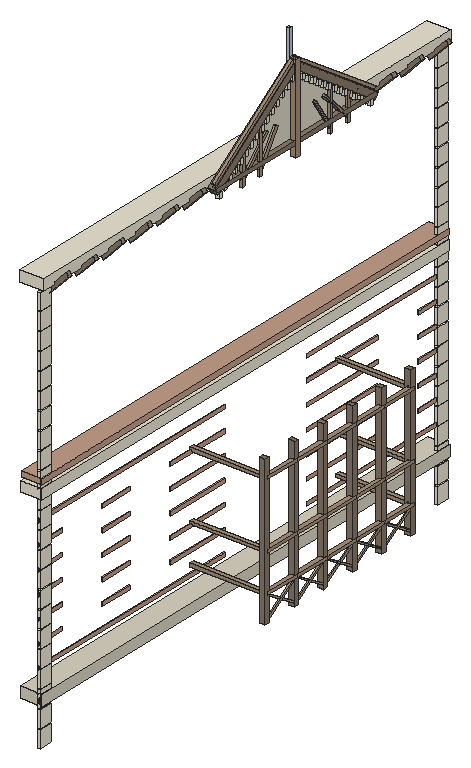
Revit family "AM_Detail_03_Side_veranda_facade__observed", category Generic Models, Revit 2025
Family settings
  Can host rebar = No
  Round Connector Dimension = Use Diameter
  Part Type = Normal
  Work Plane-Based = No
  Always vertical = Yes
  Cut with Voids When Loaded = No
  Maintain Annotation Orientation = No
  Shared = No
  Room Calculation Point = No
Parameters (values of type "Original geometry")
  Description = "AM v1.0.0 architectural ornament. Editable native extrusion sketches; fixed photographic geometry. Not a structural wall/window/roof substitute."
  Default Elevation = 0 mm
Reference planes
  plane 1 "Center (Front/Back)": y = 0
  plane 2: z = 0
  plane 3 "Center (Left/Right)": x = 0
Forms (mm)
  Extrusion 1, solid, material "AM Warm limestone - fine pores"
    sketch origin (7110.001, -6000, 1025) x (1, 0, 0) y (0, 1, 0)
      loop
        line (0, 0) -> (-0.001, 12000) -> (-500.001, 12000) -> (-500, 0) -> (0, 0)
    from 0 to 250
  Extrusion 2, solid, material "AM Ivory carved stone"
    sketch origin (7105, -6000, 5380) x (1, 0, 0) y (0, 1, 0)
      loop
        line (0, 0) -> (0, 12000) -> (-490.001, 12000) -> (-490, 0) -> (0, 0)
    from 0 to 240
  Extrusion 3, solid, material "AM Faded terracotta masonry"
    sketch origin (7090.001, -6000, 5705) x (1, 0, 0) y (0, 1, 0)
      loop
        line (0, 0) -> (-0.001, 12000) -> (-460.001, 12000) -> (-460, 0) -> (0, 0)
    from 0 to 130
  Extrusion 4, solid, material "AM Ivory carved stone"
    sketch origin (7135, -6000, 9815) x (1, 0, 0) y (0, 1, 0)
      loop
        line (0, 0) -> (0, 12000) -> (-550, 12000) -> (-550, 0) -> (0, 0)
    from 0 to 250
  Extrusion 5, solid, material "AM Faded terracotta masonry"
    sketch origin (7022, -6000, 1757.5) x (1, 0, 0) y (0, 1, 0)
      loop
        line (0, 0) -> (0, 5480) -> (-20, 5480) -> (-20, 0) -> (0, 0)
    from 0 to 85
  Extrusion 6, solid, material "AM Faded terracotta masonry"
    sketch origin (7022, 1920, 1757.5) x (1, 0, 0) y (0, 1, 0)
      loop
        line (0, 0) -> (0, 4080) -> (-20, 4080) -> (-20, 0) -> (0, 0)
    from 0 to 85
  Extrusion 7, solid, material "AM Faded terracotta masonry"
    sketch origin (7022, -6000, 2277.5) x (1, 0, 0) y (0, 1, 0)
      loop
        line (0, 0) -> (0, 700) -> (-20, 700) -> (-20, 0) -> (0, 0)
    from 0 to 85
  Extrusion 8, solid, material "AM Faded terracotta masonry"
    sketch origin (7022, -4100, 2277.5) x (1, 0, 0) y (0, 1, 0)
      loop
        line (0, 0) -> (0, 800) -> (-20, 800) -> (-20, 0) -> (0, 0)
    from 0 to 85
  Extrusion 9, solid, material "AM Faded terracotta masonry"
    sketch origin (7022, -2100, 2277.5) x (1, 0, 0) y (0, 1, 0)
      loop
        line (0, 0) -> (0, 1580) -> (-20, 1580) -> (-20, 0) -> (0, 0)
    from 0 to 85
  Extrusion 10, solid, material "AM Faded terracotta masonry"
    sketch origin (7022, 1920, 2277.5) x (1, 0, 0) y (0, 1, 0)
      loop
        line (0, 0) -> (0, 2080) -> (-20, 2080) -> (-20, 0) -> (0, 0)
    from 0 to 85
  Extrusion 11, solid, material "AM Faded terracotta masonry"
    sketch origin (7022, 5200, 2277.5) x (1, 0, 0) y (0, 1, 0)
      loop
        line (0, 0) -> (0, 800) -> (-20, 800) -> (-20, 0) -> (0, 0)
    from 0 to 85
  Extrusion 12, solid, material "AM Faded terracotta masonry"
    sketch origin (7022, -6000, 2797.5) x (1, 0, 0) y (0, 1, 0)
      loop
        line (0, 0) -> (0, 700) -> (-20, 700) -> (-20, 0) -> (0, 0)
    from 0 to 85
  Extrusion 13, solid, material "AM Faded terracotta masonry"
    sketch origin (7022, -4100, 2797.5) x (1, 0, 0) y (0, 1, 0)
      loop
        line (0, 0) -> (0, 800) -> (-20, 800) -> (-20, 0) -> (0, 0)
    from 0 to 85
  Extrusion 14, solid, material "AM Faded terracotta masonry"
    sketch origin (7022, -2100, 2797.5) x (1, 0, 0) y (0, 1, 0)
      loop
        line (0, 0) -> (0, 1580) -> (-20, 1580) -> (-20, 0) -> (0, 0)
    from 0 to 85
  Extrusion 15, solid, material "AM Faded terracotta masonry"
    sketch origin (7022, 1920, 2797.5) x (1, 0, 0) y (0, 1, 0)
      loop
        line (0, 0) -> (0, 2080) -> (-20, 2080) -> (-20, 0) -> (0, 0)
    from 0 to 85
  Extrusion 16, solid, material "AM Faded terracotta masonry"
    sketch origin (7022, 5200, 2797.5) x (1, 0, 0) y (0, 1, 0)
      loop
        line (0, 0) -> (0, 800) -> (-20, 800) -> (-20, 0) -> (0, 0)
    from 0 to 85
  Extrusion 17, solid, material "AM Faded terracotta masonry"
    sketch origin (7022, -6000, 3317.5) x (1, 0, 0) y (0, 1, 0)
      loop
        line (0, 0) -> (0, 700) -> (-20, 700) -> (-20, 0) -> (0, 0)
    from 0 to 85
  Extrusion 18, solid, material "AM Faded terracotta masonry"
    sketch origin (7022, -4100, 3317.5) x (1, 0, 0) y (0, 1, 0)
      loop
        line (0, 0) -> (0, 800) -> (-20, 800) -> (-20, 0) -> (0, 0)
    from 0 to 85
  Extrusion 19, solid, material "AM Faded terracotta masonry"
    sketch origin (7022, -2100, 3317.5) x (1, 0, 0) y (0, 1, 0)
      loop
        line (0, 0) -> (0, 1580) -> (-20, 1580) -> (-20, 0) -> (0, 0)
    from 0 to 85
  Extrusion 20, solid, material "AM Faded terracotta masonry"
    sketch origin (7022, 1920, 3317.5) x (1, 0, 0) y (0, 1, 0)
      loop
        line (0, 0) -> (0, 2080) -> (-20, 2080) -> (-20, 0) -> (0, 0)
    from 0 to 85
  Extrusion 21, solid, material "AM Faded terracotta masonry"
    sketch origin (7022, 5200, 3317.5) x (1, 0, 0) y (0, 1, 0)
      loop
        line (0, 0) -> (0, 800) -> (-20, 800) -> (-20, 0) -> (0, 0)
    from 0 to 85
  Extrusion 22, solid, material "AM Faded terracotta masonry"
    sketch origin (7022, -6000, 3837.5) x (1, 0, 0) y (0, 1, 0)
      loop
        line (0, 0) -> (0, 700) -> (-20, 700) -> (-20, 0) -> (0, 0)
    from 0 to 85
  Extrusion 23, solid, material "AM Faded terracotta masonry"
    sketch origin (7022, -4100, 3837.5) x (1, 0, 0) y (0, 1, 0)
      loop
        line (0, 0) -> (0, 800) -> (-20, 800) -> (-20, 0) -> (0, 0)
    from 0 to 85
  Extrusion 24, solid, material "AM Faded terracotta masonry"
    sketch origin (7022, -2100, 3837.5) x (1, 0, 0) y (0, 1, 0)
      loop
        line (0, 0) -> (0, 1580) -> (-20, 1580) -> (-20, 0) -> (0, 0)
    from 0 to 85
  Extrusion 25, solid, material "AM Faded terracotta masonry"
    sketch origin (7022, 1920, 3837.5) x (1, 0, 0) y (0, 1, 0)
      loop
        line (0, 0) -> (0, 2080) -> (-20, 2080) -> (-20, 0) -> (0, 0)
    from 0 to 85
  Extrusion 26, solid, material "AM Faded terracotta masonry"
    sketch origin (7022, 5200, 3837.5) x (1, 0, 0) y (0, 1, 0)
      loop
        line (0, 0) -> (0, 800) -> (-20, 800) -> (-20, 0) -> (0, 0)
    from 0 to 85
  Extrusion 27, solid, material "AM Faded terracotta masonry"
    sketch origin (7022, -6000, 4357.5) x (1, 0, 0) y (0, 1, 0)
      loop
        line (0, 0) -> (0, 700) -> (-20, 700) -> (-20, 0) -> (0, 0)
    from 0 to 85
  Extrusion 28, solid, material "AM Faded terracotta masonry"
    sketch origin (7022, -4100, 4357.5) x (1, 0, 0) y (0, 1, 0)
      loop
        line (0, 0) -> (0, 800) -> (-20, 800) -> (-20, 0) -> (0, 0)
    from 0 to 85
  Extrusion 29, solid, material "AM Faded terracotta masonry"
    sketch origin (7022, -2100, 4357.5) x (1, 0, 0) y (0, 1, 0)
      loop
        line (0, 0) -> (0, 1580) -> (-20, 1580) -> (-20, 0) -> (0, 0)
    from 0 to 85
  Extrusion 30, solid, material "AM Faded terracotta masonry"
    sketch origin (7022, 1920, 4357.5) x (1, 0, 0) y (0, 1, 0)
      loop
        line (0, 0) -> (0, 2080) -> (-20, 2080) -> (-20, 0) -> (0, 0)
    from 0 to 85
  Extrusion 31, solid, material "AM Faded terracotta masonry"
    sketch origin (7022, 5200, 4357.5) x (1, 0, 0) y (0, 1, 0)
      loop
        line (0, 0) -> (0, 800) -> (-20, 800) -> (-20, 0) -> (0, 0)
    from 0 to 85
  Extrusion 32, solid, material "AM Faded terracotta masonry"
    sketch origin (7022, -6000, 4877.5) x (1, 0, 0) y (0, 1, 0)
      loop
        line (0, 0) -> (0, 5480) -> (-20, 5480) -> (-20, 0) -> (0, 0)
    from 0 to 85
  Extrusion 33, solid, material "AM Faded terracotta masonry"
    sketch origin (7022, 1920, 4877.5) x (1, 0, 0) y (0, 1, 0)
      loop
        line (0, 0) -> (0, 4080) -> (-20, 4080) -> (-20, 0) -> (0, 0)
    from 0 to 85
  Extrusion 34, solid, material "AM Ivory carved stone"
    sketch origin (7065, -6000, 125) x (1, 0, 0) y (0, 1, 0)
      loop
        line (0, 0) -> (0, 300) -> (-60, 300) -> (-60, 0) -> (0, 0)
    from 0 to 390
  Extrusion 35, solid, material "AM Ivory carved stone"
    sketch origin (7065, -6000, 545) x (1, 0, 0) y (0, 1, 0)
      loop
        line (0, 0) -> (0, 300) -> (-60, 300) -> (-60, 0) -> (0, 0)
    from 0 to 390
  Extrusion 36, solid, material "AM Ivory carved stone"
    sketch origin (7065, -6000, 965) x (1, 0, 0) y (0, 1, 0)
      loop
        line (0, 0) -> (0, 300) -> (-60, 300) -> (-60, 0) -> (0, 0)
    from 0 to 390
  Extrusion 37, solid, material "AM Ivory carved stone"
    sketch origin (7065, -6000, 1385) x (1, 0, 0) y (0, 1, 0)
      loop
        line (0, 0) -> (0, 300) -> (-60, 300) -> (-60, 0) -> (0, 0)
    from 0 to 390
  Extrusion 38, solid, material "AM Ivory carved stone"
    sketch origin (7065, -6000, 1805) x (1, 0, 0) y (0, 1, 0)
      loop
        line (0, 0) -> (0, 300) -> (-60, 300) -> (-60, 0) -> (0, 0)
    from 0 to 390
  Extrusion 39, solid, material "AM Ivory carved stone"
    sketch origin (7065, -6000, 2225) x (1, 0, 0) y (0, 1, 0)
      loop
        line (0, 0) -> (0, 300) -> (-60, 300) -> (-60, 0) -> (0, 0)
    from 0 to 390
  Extrusion 40, solid, material "AM Ivory carved stone"
    sketch origin (7065, -6000, 2645) x (1, 0, 0) y (0, 1, 0)
      loop
        line (0, 0) -> (0, 300) -> (-60, 300) -> (-60, 0) -> (0, 0)
    from 0 to 390
  Extrusion 41, solid, material "AM Ivory carved stone"
    sketch origin (7065, -6000, 3065) x (1, 0, 0) y (0, 1, 0)
      loop
        line (0, 0) -> (0, 300) -> (-60, 300) -> (-60, 0) -> (0, 0)
    from 0 to 390
  Extrusion 42, solid, material "AM Ivory carved stone"
    sketch origin (7065, -6000, 3485) x (1, 0, 0) y (0, 1, 0)
      loop
        line (0, 0) -> (0, 300) -> (-60, 300) -> (-60, 0) -> (0, 0)
    from 0 to 390
  Extrusion 43, solid, material "AM Ivory carved stone"
    sketch origin (7065, -6000, 3905) x (1, 0, 0) y (0, 1, 0)
      loop
        line (0, 0) -> (0, 300) -> (-60, 300) -> (-60, 0) -> (0, 0)
    from 0 to 390
  Extrusion 44, solid, material "AM Ivory carved stone"
    sketch origin (7065, -6000, 4325) x (1, 0, 0) y (0, 1, 0)
      loop
        line (0, 0) -> (0, 300) -> (-60, 300) -> (-60, 0) -> (0, 0)
    from 0 to 390
  Extrusion 45, solid, material "AM Ivory carved stone"
    sketch origin (7065, -6000, 4745) x (1, 0, 0) y (0, 1, 0)
      loop
        line (0, 0) -> (0, 300) -> (-60, 300) -> (-60, 0) -> (0, 0)
    from 0 to 390
  Extrusion 46, solid, material "AM Ivory carved stone"
    sketch origin (7065, -6000, 5165) x (1, 0, 0) y (0, 1, 0)
      loop
        line (0, 0) -> (0, 300) -> (-60, 300) -> (-60, 0) -> (0, 0)
    from 0 to 390
  Extrusion 47, solid, material "AM Ivory carved stone"
    sketch origin (7065, -6000, 5585) x (1, 0, 0) y (0, 1, 0)
      loop
        line (0, 0) -> (0, 300) -> (-60, 300) -> (-60, 0) -> (0, 0)
    from 0 to 390
  Extrusion 48, solid, material "AM Ivory carved stone"
    sketch origin (7065, -6000, 6005) x (1, 0, 0) y (0, 1, 0)
      loop
        line (0, 0) -> (0, 300) -> (-60, 300) -> (-60, 0) -> (0, 0)
    from 0 to 390
  Extrusion 49, solid, material "AM Ivory carved stone"
    sketch origin (7065, -6000, 6425) x (1, 0, 0) y (0, 1, 0)
      loop
        line (0, 0) -> (0, 300) -> (-60, 300) -> (-60, 0) -> (0, 0)
    from 0 to 390
  Extrusion 50, solid, material "AM Ivory carved stone"
    sketch origin (7065, -6000, 6845) x (1, 0, 0) y (0, 1, 0)
      loop
        line (0, 0) -> (0, 300) -> (-60, 300) -> (-60, 0) -> (0, 0)
    from 0 to 390
  Extrusion 51, solid, material "AM Ivory carved stone"
    sketch origin (7065, -6000, 7265) x (1, 0, 0) y (0, 1, 0)
      loop
        line (0, 0) -> (0, 300) -> (-60, 300) -> (-60, 0) -> (0, 0)
    from 0 to 390
  Extrusion 52, solid, material "AM Ivory carved stone"
    sketch origin (7065, -6000, 7685) x (1, 0, 0) y (0, 1, 0)
      loop
        line (0, 0) -> (0, 300) -> (-60, 300) -> (-60, 0) -> (0, 0)
    from 0 to 390
  Extrusion 53, solid, material "AM Ivory carved stone"
    sketch origin (7065, -6000, 8105) x (1, 0, 0) y (0, 1, 0)
      loop
        line (0, 0) -> (0, 300) -> (-60, 300) -> (-60, 0) -> (0, 0)
    from 0 to 389.999
  Extrusion 54, solid, material "AM Ivory carved stone"
    sketch origin (7065, -6000, 8525.001) x (1, 0, 0) y (0, 1, 0)
      loop
        line (0, 0) -> (0, 300) -> (-60, 300) -> (-60, 0) -> (0, 0)
    from 0 to 389.999
  Extrusion 55, solid, material "AM Ivory carved stone"
    sketch origin (7065, -6000, 8945.001) x (1, 0, 0) y (0, 1, 0)
      loop
        line (0, 0) -> (0, 300) -> (-60, 300) -> (-60, 0) -> (0, 0)
    from 0 to 389.999
  Extrusion 56, solid, material "AM Ivory carved stone"
    sketch origin (7065, -6000, 9365.001) x (1, 0, 0) y (0, 1, 0)
      loop
        line (0, 0) -> (0, 300) -> (-60, 300) -> (-60, 0) -> (0, 0)
    from 0 to 389.999
  Extrusion 57, solid, material "AM Ivory carved stone"
    sketch origin (7065, 5700, 125) x (1, 0, 0) y (0, 1, 0)
      loop
        line (0, 0) -> (0, 300) -> (-60, 300) -> (-60, 0) -> (0, 0)
    from 0 to 390
  Extrusion 58, solid, material "AM Ivory carved stone"
    sketch origin (7065, 5700, 545) x (1, 0, 0) y (0, 1, 0)
      loop
        line (0, 0) -> (0, 300) -> (-60, 300) -> (-60, 0) -> (0, 0)
    from 0 to 390
  Extrusion 59, solid, material "AM Ivory carved stone"
    sketch origin (7065, 5700, 965) x (1, 0, 0) y (0, 1, 0)
      loop
        line (0, 0) -> (0, 300) -> (-60, 300) -> (-60, 0) -> (0, 0)
    from 0 to 390
  Extrusion 60, solid, material "AM Ivory carved stone"
    sketch origin (7065, 5700, 1385) x (1, 0, 0) y (0, 1, 0)
      loop
        line (0, 0) -> (0, 300) -> (-60, 300) -> (-60, 0) -> (0, 0)
    from 0 to 390
  Extrusion 61, solid, material "AM Ivory carved stone"
    sketch origin (7065, 5700, 1805) x (1, 0, 0) y (0, 1, 0)
      loop
        line (0, 0) -> (0, 300) -> (-60, 300) -> (-60, 0) -> (0, 0)
    from 0 to 390
  Extrusion 62, solid, material "AM Ivory carved stone"
    sketch origin (7065, 5700, 2225) x (1, 0, 0) y (0, 1, 0)
      loop
        line (0, 0) -> (0, 300) -> (-60, 300) -> (-60, 0) -> (0, 0)
    from 0 to 390
  Extrusion 63, solid, material "AM Ivory carved stone"
    sketch origin (7065, 5700, 2645) x (1, 0, 0) y (0, 1, 0)
      loop
        line (0, 0) -> (0, 300) -> (-60, 300) -> (-60, 0) -> (0, 0)
    from 0 to 390
  Extrusion 64, solid, material "AM Ivory carved stone"
    sketch origin (7065, 5700, 3065) x (1, 0, 0) y (0, 1, 0)
      loop
        line (0, 0) -> (0, 300) -> (-60, 300) -> (-60, 0) -> (0, 0)
    from 0 to 390
  Extrusion 65, solid, material "AM Ivory carved stone"
    sketch origin (7065, 5700, 3485) x (1, 0, 0) y (0, 1, 0)
      loop
        line (0, 0) -> (0, 300) -> (-60, 300) -> (-60, 0) -> (0, 0)
    from 0 to 390
  Extrusion 66, solid, material "AM Ivory carved stone"
    sketch origin (7065, 5700, 3905) x (1, 0, 0) y (0, 1, 0)
      loop
        line (0, 0) -> (0, 300) -> (-60, 300) -> (-60, 0) -> (0, 0)
    from 0 to 390
  Extrusion 67, solid, material "AM Ivory carved stone"
    sketch origin (7065, 5700, 4325) x (1, 0, 0) y (0, 1, 0)
      loop
        line (0, 0) -> (0, 300) -> (-60, 300) -> (-60, 0) -> (0, 0)
    from 0 to 390
  Extrusion 68, solid, material "AM Ivory carved stone"
    sketch origin (7065, 5700, 4745) x (1, 0, 0) y (0, 1, 0)
      loop
        line (0, 0) -> (0, 300) -> (-60, 300) -> (-60, 0) -> (0, 0)
    from 0 to 390
  Extrusion 69, solid, material "AM Ivory carved stone"
    sketch origin (7065, 5700, 5165) x (1, 0, 0) y (0, 1, 0)
      loop
        line (0, 0) -> (0, 300) -> (-60, 300) -> (-60, 0) -> (0, 0)
    from 0 to 390
  Extrusion 70, solid, material "AM Ivory carved stone"
    sketch origin (7065, 5700, 5585) x (1, 0, 0) y (0, 1, 0)
      loop
        line (0, 0) -> (0, 300) -> (-60, 300) -> (-60, 0) -> (0, 0)
    from 0 to 390
  Extrusion 71, solid, material "AM Ivory carved stone"
    sketch origin (7065, 5700, 6005) x (1, 0, 0) y (0, 1, 0)
      loop
        line (0, 0) -> (0, 300) -> (-60, 300) -> (-60, 0) -> (0, 0)
    from 0 to 390
  Extrusion 72, solid, material "AM Ivory carved stone"
    sketch origin (7065, 5700, 6425) x (1, 0, 0) y (0, 1, 0)
      loop
        line (0, 0) -> (0, 300) -> (-60, 300) -> (-60, 0) -> (0, 0)
    from 0 to 390
  Extrusion 73, solid, material "AM Ivory carved stone"
    sketch origin (7065, 5700, 6845) x (1, 0, 0) y (0, 1, 0)
      loop
        line (0, 0) -> (0, 300) -> (-60, 300) -> (-60, 0) -> (0, 0)
    from 0 to 390
  Extrusion 74, solid, material "AM Ivory carved stone"
    sketch origin (7065, 5700, 7265) x (1, 0, 0) y (0, 1, 0)
      loop
        line (0, 0) -> (0, 300) -> (-60, 300) -> (-60, 0) -> (0, 0)
    from 0 to 390
  Extrusion 75, solid, material "AM Ivory carved stone"
    sketch origin (7065, 5700, 7685) x (1, 0, 0) y (0, 1, 0)
      loop
        line (0, 0) -> (0, 300) -> (-60, 300) -> (-60, 0) -> (0, 0)
    from 0 to 390
  Extrusion 76, solid, material "AM Ivory carved stone"
    sketch origin (7065, 5700, 8105) x (1, 0, 0) y (0, 1, 0)
      loop
        line (0, 0) -> (0, 300) -> (-60, 300) -> (-60, 0) -> (0, 0)
    from 0 to 389.999
  Extrusion 77, solid, material "AM Ivory carved stone"
    sketch origin (7065, 5700, 8525.001) x (1, 0, 0) y (0, 1, 0)
      loop
        line (0, 0) -> (0, 300) -> (-60, 300) -> (-60, 0) -> (0, 0)
    from 0 to 389.999
  Extrusion 78, solid, material "AM Ivory carved stone"
    sketch origin (7065, 5700, 8945.001) x (1, 0, 0) y (0, 1, 0)
      loop
        line (0, 0) -> (0, 300) -> (-60, 300) -> (-60, 0) -> (0, 0)
    from 0 to 389.999
  Extrusion 79, solid, material "AM Ivory carved stone"
    sketch origin (7065, 5700, 9365.001) x (1, 0, 0) y (0, 1, 0)
      loop
        line (0, 0) -> (0, 300) -> (-60, 300) -> (-60, 0) -> (0, 0)
    from 0 to 389.999
  Extrusion 80, solid, material "AM Aged chestnut timber"
    sketch origin (7034.653, -5697.5, 9607.513) x (0.729542, 0, -0.683936) y (0, 1, 0)
      loop
        line (0, 0) -> (0, 95) -> (-95, 95) -> (-95, 0) -> (0, 0)
    from 0 to 657.951
  Extrusion 81, solid, material "AM Aged chestnut timber"
    sketch origin (7034.653, -4897.5, 9607.513) x (0.729542, 0, -0.683936) y (0, 1, 0)
      loop
        line (0, 0) -> (0, 95) -> (-95, 95) -> (-95, 0) -> (0, 0)
    from 0 to 657.951
  Extrusion 82, solid, material "AM Aged chestnut timber"
    sketch origin (7034.653, -4097.5, 9607.513) x (0.729542, 0, -0.683936) y (0, 1, 0)
      loop
        line (0, 0) -> (0, 95) -> (-95, 95) -> (-95, 0) -> (0, 0)
    from 0 to 657.951
  Extrusion 83, solid, material "AM Aged chestnut timber"
    sketch origin (7034.653, -3297.5, 9607.513) x (0.729542, 0, -0.683936) y (0, 1, 0)
      loop
        line (0, 0) -> (0, 95) -> (-95, 95) -> (-95, 0) -> (0, 0)
    from 0 to 657.951
  Extrusion 84, solid, material "AM Aged chestnut timber"
    sketch origin (7034.653, -2497.5, 9607.513) x (0.729542, 0, -0.683936) y (0, 1, 0)
      loop
        line (0, 0) -> (0, 95) -> (-95, 95) -> (-95, 0) -> (0, 0)
    from 0 to 657.951
  Extrusion 85, solid, material "AM Aged chestnut timber"
    sketch origin (7034.653, -1697.5, 9607.513) x (0.729542, 0, -0.683936) y (0, 1, 0)
      loop
        line (0, 0) -> (0, 95) -> (-95, 95) -> (-95, 0) -> (0, 0)
    from 0 to 657.951
  Extrusion 86, solid, material "AM Aged chestnut timber"
    sketch origin (7034.653, -897.5, 9607.513) x (0.729542, 0, -0.683936) y (0, 1, 0)
      loop
        line (0, 0) -> (0, 95) -> (-95, 95) -> (-95, 0) -> (0, 0)
    from 0 to 657.951
  Extrusion 87, solid, material "AM Aged chestnut timber"
    sketch origin (7034.653, -97.5, 9607.513) x (0.729542, 0, -0.683936) y (0, 1, 0)
      loop
        line (0, 0) -> (0, 95) -> (-95, 95) -> (-95, 0) -> (0, 0)
    from 0 to 657.951
  Extrusion 88, solid, material "AM Aged chestnut timber"
    sketch origin (7034.653, 702.5, 9607.513) x (0.729542, 0, -0.683936) y (0, 1, 0)
      loop
        line (0, 0) -> (0, 95) -> (-95, 95) -> (-95, 0) -> (0, 0)
    from 0 to 657.951
  Extrusion 89, solid, material "AM Aged chestnut timber"
    sketch origin (7034.653, 1502.5, 9607.513) x (0.729542, 0, -0.683936) y (0, 1, 0)
      loop
        line (0, 0) -> (0, 95) -> (-95, 95) -> (-95, 0) -> (0, 0)
    from 0 to 657.951
  Extrusion 90, solid, material "AM Aged chestnut timber"
    sketch origin (7034.653, 2302.5, 9607.513) x (0.729542, 0, -0.683936) y (0, 1, 0)
      loop
        line (0, 0) -> (0, 95) -> (-95, 95) -> (-95, 0) -> (0, 0)
    from 0 to 657.951
  Extrusion 91, solid, material "AM Aged chestnut timber"
    sketch origin (7034.653, 3102.5, 9607.513) x (0.729542, 0, -0.683936) y (0, 1, 0)
      loop
        line (0, 0) -> (0, 95) -> (-95, 95) -> (-95, 0) -> (0, 0)
    from 0 to 657.951
  Extrusion 92, solid, material "AM Aged chestnut timber"
    sketch origin (7034.653, 3902.5, 9607.513) x (0.729542, 0, -0.683936) y (0, 1, 0)
      loop
        line (0, 0) -> (0, 95) -> (-95, 95) -> (-95, 0) -> (0, 0)
    from 0 to 657.951
  Extrusion 93, solid, material "AM Aged chestnut timber"
    sketch origin (7034.653, 4702.5, 9607.513) x (0.729542, 0, -0.683936) y (0, 1, 0)
      loop
        line (0, 0) -> (0, 95) -> (-95, 95) -> (-95, 0) -> (0, 0)
    from 0 to 657.951
  Extrusion 94, solid, material "AM Aged chestnut timber"
    sketch origin (7034.653, 5502.5, 9607.513) x (0.729542, 0, -0.683936) y (0, 1, 0)
      loop
        line (0, 0) -> (0, 95) -> (-95, 95) -> (-95, 0) -> (0, 0)
    from 0 to 657.951
  Extrusion 95, solid, material "AM Warm limestone - fine pores"
    sketch origin (7580, -1650, 10180) x (0, 1, 0) y (0, 0, 1)
      loop
        line (0, 0) -> (4700, 0) -> (2350, 1670) -> (0, 0)
    from 0 to 9
  Extrusion 96, solid, material "AM Aged chestnut timber"
    sketch origin (7740, -1603.658, 10114.789) x (1, 0, 0) y (0, 0.579266, -0.815139)
      loop
        line (0, 0) -> (-160, 0) -> (-160, -160.001) -> (0, -160.001) -> (0, 0)
    from 0 to 2882.95
  Extrusion 97, solid, material "AM Carved warm timber"
    sketch origin (7710, -1632.622, 10305.546) x (1, 0, 0) y (0, 0.579268, -0.815137)
      loop
        line (0, 0) -> (-60, 0) -> (-60, -60) -> (0, -60) -> (0, 0)
    from 0 to 2882.95
  Extrusion 98, solid, material "AM Aged chestnut timber"
    sketch origin (7580, 3003.659, 10114.789) x (1, 0, 0) y (0, 0.579266, 0.815139)
      loop
        line (0, 0) -> (160, 0) -> (160, 160.001) -> (0, 160.001) -> (0, 0)
    from 0 to 2882.95
  Extrusion 99, solid, material "AM Carved warm timber"
    sketch origin (7650, 3032.622, 10305.546) x (1, 0, 0) y (0, 0.579269, 0.815136)
      loop
        line (0, 0) -> (60, 0) -> (60, 60) -> (0, 60) -> (0, 0)
    from 0 to 2882.95
  Extrusion 100, solid, material "AM Aged chestnut timber"
    sketch origin (7750, -1650, 10179.999) x (0, 0, 1) y (1, 0, 0)
      loop
        line (0, 0) -> (0, -100) -> (100, -100) -> (100, 0) -> (0, 0)
    from 0 to 4700
  Extrusion 101, solid, material "AM Carved warm timber"
    sketch origin (7770, 760, 9930) x (1, 0, 0) y (0, 1, 0)
      loop
        line (0, 0) -> (-120, 0) -> (-120, -120) -> (0, -120) -> (0, 0)
    from 0 to 2059.999
  Extrusion 102, solid, material "AM Carved warm timber"
    sketch origin (7737.5, -823.5, 9960) x (1, 0, 0) y (0, 1, 0)
      loop
        line (0, 0) -> (-55, 0) -> (-55, -55) -> (0, -55) -> (0, 0)
    from 0 to 787.8
  Extrusion 103, solid, material "AM Carved warm timber"
    sketch origin (7735, -832.813, 10062.846) x (1, 0, 0) y (0, 0.727467, -0.686143)
      loop
        line (0, 0) -> (-50, 0) -> (-50, -50) -> (0, -50) -> (0, 0)
    from 0 to 1017.219
  Extrusion 104, solid, material "AM Carved warm timber"
    sketch origin (7737.5, -306.5, 9959.999) x (1, 0, 0) y (0, 1, 0)
      loop
        line (0, 0) -> (-55, 0) -> (-55, -55) -> (0, -55) -> (0, 0)
    from 0 to 1155.201
  Extrusion 105, solid, material "AM Carved warm timber"
    sketch origin (7735, -312.836, 10066.692) x (1, 0, 0) y (0, 0.846554, -0.532302)
      loop
        line (0, 0) -> (-50, 0) -> (-50, -50) -> (0, -50) -> (0, 0)
    from 0 to 874.13
  Extrusion 106, solid, material "AM Carved warm timber"
    sketch origin (7737.5, 1761.5, 9959.999) x (1, 0, 0) y (0, 1, 0)
      loop
        line (0, 0) -> (-55, 0) -> (-55, -55) -> (0, -55) -> (0, 0)
    from 0 to 1155.201
  Extrusion 107, solid, material "AM Carved warm timber"
    sketch origin (7685, 1712.836, 10066.692) x (1, 0, 0) y (0, 0.846554, 0.532302)
      loop
        line (0, 0) -> (50, 0) -> (50, 50) -> (0, 50) -> (0, 0)
    from 0 to 874.13
  Extrusion 108, solid, material "AM Carved warm timber"
    sketch origin (7737.5, 2278.5, 9960) x (1, 0, 0) y (0, 1, 0)
      loop
        line (0, 0) -> (-55, 0) -> (-55, -55) -> (0, -55) -> (0, 0)
    from 0 to 787.8
  Extrusion 109, solid, material "AM Carved warm timber"
    sketch origin (7685, 2232.813, 10062.846) x (1, 0, 0) y (0, 0.727466, 0.686144)
      loop
        line (0, 0) -> (50, 0) -> (50, 50) -> (0, 50) -> (0, 0)
    from 0 to 1017.219
  Extrusion 110, solid, material "AM Ivory carved stone"
    sketch origin (7740, -1557.5, 10020.277) x (1, 0, 0) y (0, 1, 0)
      loop
        line (0, 0) -> (0, 55) -> (-80, 55) -> (-80, 0) -> (0, 0)
    from 0 to 129.999
  Extrusion 111, solid, material "AM Ivory carved stone"
    sketch origin (7740, -1403.707, 10129.568) x (1, 0, 0) y (0, 1, 0)
      loop
        line (0, 0) -> (0, 55) -> (-80, 55) -> (-80, 0) -> (0, 0)
    from 0 to 129.999
  Extrusion 112, solid, material "AM Ivory carved stone"
    sketch origin (7740, -1249.914, 10238.859) x (1, 0, 0) y (0, 1, 0)
      loop
        line (0, 0) -> (0, 55) -> (-80, 55) -> (-80, 0) -> (0, 0)
    from 0 to 129.999
  Extrusion 113, solid, material "AM Ivory carved stone"
    sketch origin (7740, -1096.121, 10348.151) x (1, 0, 0) y (0, 1, 0)
      loop
        line (0, 0) -> (0, 55) -> (-80, 55) -> (-80, 0) -> (0, 0)
    from 0 to 129.999
  Extrusion 114, solid, material "AM Ivory carved stone"
    sketch origin (7740, -942.328, 10457.442) x (1, 0, 0) y (0, 1, 0)
      loop
        line (0, 0) -> (0, 55) -> (-80, 55) -> (-80, 0) -> (0, 0)
    from 0 to 129.999
  Extrusion 115, solid, material "AM Ivory carved stone"
    sketch origin (7740, -788.535, 10566.733) x (1, 0, 0) y (0, 1, 0)
      loop
        line (0, 0) -> (0, 55) -> (-80, 55) -> (-80, 0) -> (0, 0)
    from 0 to 129.999
  Extrusion 116, solid, material "AM Ivory carved stone"
    sketch origin (7740, -634.741, 10676.024) x (1, 0, 0) y (0, 1, 0)
      loop
        line (0, 0) -> (0, 55) -> (-80, 55) -> (-80, 0) -> (0, 0)
    from 0 to 129.999
  Extrusion 117, solid, material "AM Ivory carved stone"
    sketch origin (7740, -480.948, 10785.316) x (1, 0, 0) y (0, 1, 0)
      loop
        line (0, 0) -> (0, 55) -> (-80, 55) -> (-80, 0) -> (0, 0)
    from 0 to 129.999
  Extrusion 118, solid, material "AM Ivory carved stone"
    sketch origin (7740, -327.155, 10894.608) x (1, 0, 0) y (0, 1, 0)
      loop
        line (0, 0) -> (0, 55) -> (-80, 55) -> (-80, 0) -> (0, 0)
    from 0 to 129.999
  Extrusion 119, solid, material "AM Ivory carved stone"
    sketch origin (7740, -173.362, 11003.899) x (1, 0, 0) y (0, 1, 0)
      loop
        line (0, 0) -> (0, 55) -> (-80, 55) -> (-80, 0) -> (0, 0)
    from 0 to 129.999
  Extrusion 120, solid, material "AM Ivory carved stone"
    sketch origin (7740, -19.569, 11113.19) x (1, 0, 0) y (0, 1, 0)
      loop
        line (0, 0) -> (0, 55) -> (-80, 55) -> (-80, 0) -> (0, 0)
    from 0 to 129.999
  Extrusion 121, solid, material "AM Ivory carved stone"
    sketch origin (7740, 134.224, 11222.481) x (1, 0, 0) y (0, 1, 0)
      loop
        line (0, 0) -> (0, 55) -> (-80, 55) -> (-80, 0) -> (0, 0)
    from 0 to 129.999
  Extrusion 122, solid, material "AM Ivory carved stone"
    sketch origin (7740, 288.017, 11331.772) x (1, 0, 0) y (0, 1, 0)
      loop
        line (0, 0) -> (0, 55) -> (-80, 55) -> (-80, 0) -> (0, 0)
    from 0 to 129.999
  Extrusion 123, solid, material "AM Ivory carved stone"
    sketch origin (7740, 441.81, 11441.064) x (1, 0, 0) y (0, 1, 0)
      loop
        line (0, 0) -> (0, 55) -> (-80, 55) -> (-80, 0) -> (0, 0)
    from 0 to 129.999
  Extrusion 124, solid, material "AM Ivory carved stone"
    sketch origin (7740, 595.603, 11550.355) x (1, 0, 0) y (0, 1, 0)
      loop
        line (0, 0) -> (0, 55) -> (-80, 55) -> (-80, 0) -> (0, 0)
    from 0 to 129.999
  Extrusion 125, solid, material "AM Ivory carved stone"
    sketch origin (7740, 749.397, 11550.355) x (1, 0, 0) y (0, 1, 0)
      loop
        line (0, 0) -> (0, 55) -> (-80, 55) -> (-80, 0) -> (0, 0)
    from 0 to 129.999
  Extrusion 126, solid, material "AM Ivory carved stone"
    sketch origin (7740, 903.19, 11441.064) x (1, 0, 0) y (0, 1, 0)
      loop
        line (0, 0) -> (0, 55) -> (-80, 55) -> (-80, 0) -> (0, 0)
    from 0 to 129.999
  Extrusion 127, solid, material "AM Ivory carved stone"
    sketch origin (7740, 1056.983, 11331.772) x (1, 0, 0) y (0, 1, 0)
      loop
        line (0, 0) -> (0, 55) -> (-80, 55) -> (-80, 0) -> (0, 0)
    from 0 to 129.999
  Extrusion 128, solid, material "AM Ivory carved stone"
    sketch origin (7740, 1210.776, 11222.481) x (1, 0, 0) y (0, 1, 0)
      loop
        line (0, 0) -> (0, 55) -> (-80, 55) -> (-80, 0) -> (0, 0)
    from 0 to 129.999
  Extrusion 129, solid, material "AM Ivory carved stone"
    sketch origin (7740, 1364.569, 11113.19) x (1, 0, 0) y (0, 1, 0)
      loop
        line (0, 0) -> (0, 55) -> (-80, 55) -> (-80, 0) -> (0, 0)
    from 0 to 129.999
  Extrusion 130, solid, material "AM Ivory carved stone"
    sketch origin (7740, 1518.362, 11003.899) x (1, 0, 0) y (0, 1, 0)
      loop
        line (0, 0) -> (0, 55) -> (-80, 55) -> (-80, 0) -> (0, 0)
    from 0 to 129.999
  Extrusion 131, solid, material "AM Ivory carved stone"
    sketch origin (7740, 1672.155, 10894.608) x (1, 0, 0) y (0, 1, 0)
      loop
        line (0, 0) -> (0, 55) -> (-80, 55) -> (-80, 0) -> (0, 0)
    from 0 to 129.999
  Extrusion 132, solid, material "AM Ivory carved stone"
    sketch origin (7740, 1825.948, 10785.316) x (1, 0, 0) y (0, 1, 0)
      loop
        line (0, 0) -> (0, 55) -> (-80, 55) -> (-80, 0) -> (0, 0)
    from 0 to 129.999
  Extrusion 133, solid, material "AM Ivory carved stone"
    sketch origin (7740, 1979.741, 10676.024) x (1, 0, 0) y (0, 1, 0)
      loop
        line (0, 0) -> (0, 55) -> (-80, 55) -> (-80, 0) -> (0, 0)
    from 0 to 129.999
  Extrusion 134, solid, material "AM Ivory carved stone"
    sketch origin (7740, 2133.535, 10566.733) x (1, 0, 0) y (0, 1, 0)
      loop
        line (0, 0) -> (0, 55) -> (-80, 55) -> (-80, 0) -> (0, 0)
    from 0 to 129.999
  Extrusion 135, solid, material "AM Ivory carved stone"
    sketch origin (7740, 2287.328, 10457.442) x (1, 0, 0) y (0, 1, 0)
      loop
        line (0, 0) -> (0, 55) -> (-80, 55) -> (-80, 0) -> (0, 0)
    from 0 to 129.999
  Extrusion 136, solid, material "AM Ivory carved stone"
    sketch origin (7740, 2441.121, 10348.151) x (1, 0, 0) y (0, 1, 0)
      loop
        line (0, 0) -> (0, 55) -> (-80, 55) -> (-80, 0) -> (0, 0)
    from 0 to 129.999
  Extrusion 137, solid, material "AM Ivory carved stone"
    sketch origin (7740, 2594.914, 10238.859) x (1, 0, 0) y (0, 1, 0)
      loop
        line (0, 0) -> (0, 55) -> (-80, 55) -> (-80, 0) -> (0, 0)
    from 0 to 129.999
  Extrusion 138, solid, material "AM Ivory carved stone"
    sketch origin (7740, 2748.707, 10129.568) x (1, 0, 0) y (0, 1, 0)
      loop
        line (0, 0) -> (0, 55) -> (-80, 55) -> (-80, 0) -> (0, 0)
    from 0 to 129.999
  Extrusion 139, solid, material "AM Ivory carved stone"
    sketch origin (7740, 2902.5, 10020.277) x (1, 0, 0) y (0, 1, 0)
      loop
        line (0, 0) -> (0, 55) -> (-80, 55) -> (-80, 0) -> (0, 0)
    from 0 to 129.999
  Extrusion 140, solid, material "AM Weathered blue grey zinc"
    sketch origin (7612.5, 732.5, 11850) x (1, 0, 0) y (0, 1, 0)
      loop
        line (0, 0) -> (-65, 0) -> (-65, -65) -> (0, -65) -> (0, 0)
    from 0 to 759.998
  Extrusion 141, solid, material "AM Carved warm timber"
    sketch origin (8795, -1450, 1967.5) x (1, 0, 0) y (0, 1, 0)
      loop
        line (0, 0) -> (0, 860) -> (-100, 860) -> (-100, 0) -> (0, 0)
    from 0 to 65
  Extrusion 142, solid, material "AM Carved warm timber"
    sketch origin (8795, -1450, 2867.5) x (1, 0, 0) y (0, 1, 0)
      loop
        line (0, 0) -> (0, 860) -> (-100, 860) -> (-100, 0) -> (0, 0)
    from 0 to 65
  Extrusion 143, solid, material "AM Carved warm timber"
    sketch origin (8795, -1450, 4417.5) x (1, 0, 0) y (0, 1, 0)
      loop
        line (0, 0) -> (0, 860) -> (-100, 860) -> (-100, 0) -> (0, 0)
    from 0 to 65
  Extrusion 144, solid, material "AM Carved warm timber"
    sketch origin (8767.5, -1371.8, 1455.239) x (1, 0, 0) y (0, 0.537118, -0.843507)
      loop
        line (0, 0) -> (-35, 0) -> (-35, -35) -> (0, -35) -> (0, 0)
    from 0 to 856.424
  Extrusion 145, solid, material "AM Carved warm timber"
    sketch origin (8767.5, -1390.599, 1915.239) x (1, 0, 0) y (0, -0.537116, -0.843508)
      loop
        line (0, 0) -> (-35, 0) -> (-35, -35) -> (0, -35) -> (0, 0)
    from 0 to 856.424
  Extrusion 146, solid, material "AM Carved warm timber"
    sketch origin (8795, -590, 1967.5) x (1, 0, 0) y (0, 1, 0)
      loop
        line (0, 0) -> (0, 860) -> (-100, 860) -> (-100, 0) -> (0, 0)
    from 0 to 65
  Extrusion 147, solid, material "AM Carved warm timber"
    sketch origin (8795, -590, 2867.5) x (1, 0, 0) y (0, 1, 0)
      loop
        line (0, 0) -> (0, 860) -> (-100, 860) -> (-100, 0) -> (0, 0)
    from 0 to 65
  Extrusion 148, solid, material "AM Carved warm timber"
    sketch origin (8795, -590, 4417.5) x (1, 0, 0) y (0, 1, 0)
      loop
        line (0, 0) -> (0, 860) -> (-100, 860) -> (-100, 0) -> (0, 0)
    from 0 to 65
  Extrusion 149, solid, material "AM Carved warm timber"
    sketch origin (8767.5, -511.8, 1455.239) x (1, 0, 0) y (0, 0.537116, -0.843508)
      loop
        line (0, 0) -> (-35, 0) -> (-35, -35) -> (0, -35) -> (0, 0)
    from 0 to 856.424
  Extrusion 150, solid, material "AM Carved warm timber"
    sketch origin (8767.5, -530.6, 1915.239) x (1, 0, 0) y (0, -0.537116, -0.843508)
      loop
        line (0, 0) -> (-35, 0) -> (-35, -35) -> (0, -35) -> (0, 0)
    from 0 to 856.424
  Extrusion 151, solid, material "AM Carved warm timber"
    sketch origin (8795, 270, 1967.5) x (1, 0, 0) y (0, 1, 0)
      loop
        line (0, 0) -> (0, 860) -> (-100, 860) -> (-100, 0) -> (0, 0)
    from 0 to 65
  Extrusion 152, solid, material "AM Carved warm timber"
    sketch origin (8795, 270, 2867.5) x (1, 0, 0) y (0, 1, 0)
      loop
        line (0, 0) -> (0, 860) -> (-100, 860) -> (-100, 0) -> (0, 0)
    from 0 to 65
  Extrusion 153, solid, material "AM Carved warm timber"
    sketch origin (8795, 270, 4417.5) x (1, 0, 0) y (0, 1, 0)
      loop
        line (0, 0) -> (0, 860) -> (-100, 860) -> (-100, 0) -> (0, 0)
    from 0 to 65
  Extrusion 154, solid, material "AM Carved warm timber"
    sketch origin (8767.5, 348.2, 1455.239) x (1, 0, 0) y (0, 0.537118, -0.843507)
      loop
        line (0, 0) -> (-35, 0) -> (-35, -35) -> (0, -35) -> (0, 0)
    from 0 to 856.424
  Extrusion 155, solid, material "AM Carved warm timber"
    sketch origin (8767.5, 329.4, 1915.239) x (1, 0, 0) y (0, -0.537118, -0.843507)
      loop
        line (0, 0) -> (-35, 0) -> (-35, -35) -> (0, -35) -> (0, 0)
    from 0 to 856.424
  Extrusion 156, solid, material "AM Carved warm timber"
    sketch origin (8795, 1130, 1967.5) x (1, 0, 0) y (0, 1, 0)
      loop
        line (0, 0) -> (0, 860) -> (-100, 860) -> (-100, 0) -> (0, 0)
    from 0 to 65
  Extrusion 157, solid, material "AM Carved warm timber"
    sketch origin (8795, 1130, 2867.5) x (1, 0, 0) y (0, 1, 0)
      loop
        line (0, 0) -> (0, 860) -> (-100, 860) -> (-100, 0) -> (0, 0)
    from 0 to 65
  Extrusion 158, solid, material "AM Carved warm timber"
    sketch origin (8795, 1130, 4417.5) x (1, 0, 0) y (0, 1, 0)
      loop
        line (0, 0) -> (0, 860) -> (-100, 860) -> (-100, 0) -> (0, 0)
    from 0 to 65
  Extrusion 159, solid, material "AM Carved warm timber"
    sketch origin (8767.5, 1208.199, 1455.239) x (1, 0, 0) y (0, 0.537116, -0.843508)
      loop
        line (0, 0) -> (-35, 0) -> (-35, -35) -> (0, -35) -> (0, 0)
    from 0 to 856.424
  Extrusion 160, solid, material "AM Carved warm timber"
    sketch origin (8767.5, 1189.4, 1915.239) x (1, 0, 0) y (0, -0.537116, -0.843508)
      loop
        line (0, 0) -> (-35, 0) -> (-35, -35) -> (0, -35) -> (0, 0)
    from 0 to 856.424
  Extrusion 161, solid, material "AM Carved warm timber"
    sketch origin (8795, 1990, 1967.5) x (1, 0, 0) y (0, 1, 0)
      loop
        line (0, 0) -> (0, 860) -> (-100, 860) -> (-100, 0) -> (0, 0)
    from 0 to 65
  Extrusion 162, solid, material "AM Carved warm timber"
    sketch origin (8795, 1990, 2867.5) x (1, 0, 0) y (0, 1, 0)
      loop
        line (0, 0) -> (0, 860) -> (-100, 860) -> (-100, 0) -> (0, 0)
    from 0 to 65
  Extrusion 163, solid, material "AM Carved warm timber"
    sketch origin (8795, 1990, 4417.5) x (1, 0, 0) y (0, 1, 0)
      loop
        line (0, 0) -> (0, 860) -> (-100, 860) -> (-100, 0) -> (0, 0)
    from 0 to 65
  Extrusion 164, solid, material "AM Carved warm timber"
    sketch origin (8767.5, 2068.2, 1455.239) x (1, 0, 0) y (0, 0.537118, -0.843507)
      loop
        line (0, 0) -> (-35, 0) -> (-35, -35) -> (0, -35) -> (0, 0)
    from 0 to 856.424
  Extrusion 165, solid, material "AM Carved warm timber"
    sketch origin (8767.5, 2049.401, 1915.239) x (1, 0, 0) y (0, -0.537116, -0.843508)
      loop
        line (0, 0) -> (-35, 0) -> (-35, -35) -> (0, -35) -> (0, 0)
    from 0 to 856.424
  Extrusion 166, solid, material "AM Aged chestnut timber"
    sketch origin (8770, -1502.5, 1350) x (1, 0, 0) y (0, 1, 0)
      loop
        line (0, 0) -> (0, 105) -> (-139.999, 105) -> (-139.999, 0) -> (0, 0)
    from 0 to 3500
  Extrusion 167, solid, material "AM Aged chestnut timber"
    sketch origin (8770, -642.5, 1350) x (1, 0, 0) y (0, 1, 0)
      loop
        line (0, 0) -> (0, 105) -> (-139.999, 105) -> (-139.999, 0) -> (0, 0)
    from 0 to 3500
  Extrusion 168, solid, material "AM Aged chestnut timber"
    sketch origin (8770, 217.5, 1350) x (1, 0, 0) y (0, 1, 0)
      loop
        line (0, 0) -> (0, 105) -> (-139.999, 105) -> (-139.999, 0) -> (0, 0)
    from 0 to 3500
  Extrusion 169, solid, material "AM Aged chestnut timber"
    sketch origin (8770, 1077.5, 1350) x (1, 0, 0) y (0, 1, 0)
      loop
        line (0, 0) -> (0, 105) -> (-139.999, 105) -> (-139.999, 0) -> (0, 0)
    from 0 to 3500
  Extrusion 170, solid, material "AM Aged chestnut timber"
    sketch origin (8770, 1937.5, 1350) x (1, 0, 0) y (0, 1, 0)
      loop
        line (0, 0) -> (0, 105) -> (-139.999, 105) -> (-139.999, 0) -> (0, 0)
    from 0 to 3500
  Extrusion 171, solid, material "AM Aged chestnut timber"
    sketch origin (8770, 2797.5, 1350) x (1, 0, 0) y (0, 1, 0)
      loop
        line (0, 0) -> (0, 105) -> (-139.999, 105) -> (-139.999, 0) -> (0, 0)
    from 0 to 3500
  Extrusion 172, solid, material "AM Carved warm timber"
    sketch origin (8700, -1500, 1965) x (1, 0, 0) y (0, 1, 0)
      loop
        line (0, 0) -> (0, 100) -> (-1700, 100) -> (-1700, 0) -> (0, 0)
    from 0 to 70
  Extrusion 173, solid, material "AM Carved warm timber"
    sketch origin (8700, -1500, 2865) x (1, 0, 0) y (0, 1, 0)
      loop
        line (0, 0) -> (0, 100) -> (-1700, 100) -> (-1700, 0) -> (0, 0)
    from 0 to 70
  Extrusion 174, solid, material "AM Carved warm timber"
    sketch origin (8700, -1500, 4415) x (1, 0, 0) y (0, 1, 0)
      loop
        line (0, 0) -> (0, 100) -> (-1700, 100) -> (-1700, 0) -> (0, 0)
    from 0 to 70
  Extrusion 175, solid, material "AM Carved warm timber"
    sketch origin (8700, 2800, 1965) x (1, 0, 0) y (0, 1, 0)
      loop
        line (0, 0) -> (0, 100) -> (-1700, 100) -> (-1700, 0) -> (0, 0)
    from 0 to 70
  Extrusion 176, solid, material "AM Carved warm timber"
    sketch origin (8700, 2800, 2865) x (1, 0, 0) y (0, 1, 0)
      loop
        line (0, 0) -> (0, 100) -> (-1700, 100) -> (-1700, 0) -> (0, 0)
    from 0 to 70
  Extrusion 177, solid, material "AM Carved warm timber"
    sketch origin (8700, 2800, 4415) x (1, 0, 0) y (0, 1, 0)
      loop
        line (0, 0) -> (0, 100) -> (-1700, 100) -> (-1700, 0) -> (0, 0)
    from 0 to 70
Dimensions and locks
  aligned and locked: level to plane 2
